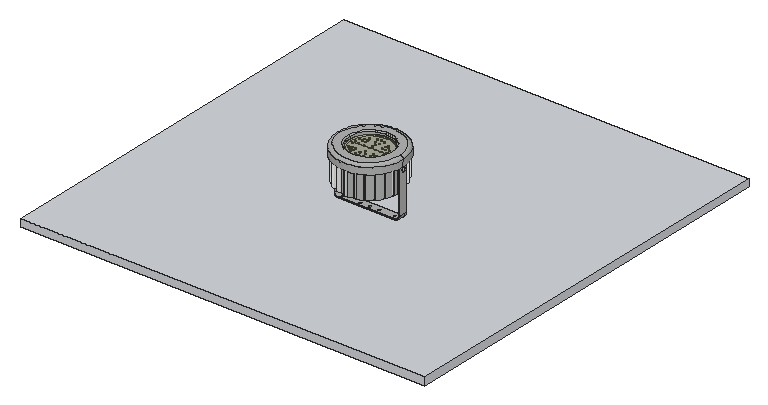
Revit family "SOLD", category Lighting Fixtures, host Face, Revit 2014
Parameters (values of type "SOLD")
  Wings = Paint - Hubbell - Light Silver
  Width = 280.00 mm
  Watts = 75 W
  Wattage Comments = "75W"
  Wattage = 75 W
  Warranty = "5 years Warranty"  # constant formula
  built-in parameter 1150110 = 1 (stored number, unit not read)
  Voltage = 120 V
  URL = "https://www.hubbell.com/chalmit/en"
  built-in parameter 1114217 = 1 (stored number, unit not read)
  Tilt Angle = 90.00°  # constant formula
  built-in parameter 1150109 = 1 (stored number, unit not read)
  built-in parameter 1150134 = 3
  built-in parameter 1150113 = 1 (stored number, unit not read)
  Reflector Finish = Hubbell - White Glass
  Product Link = "https://www.hubbell.com/chalmit/en/Products/Lighting-Controls/Harsh-Hazardous-Lighting/Flood-Lighting/Solas/p/866131"
  Product Documentation Link = "https://hubbellcdn.com/specsheet/Solas_Zone1_Datasheet_V4.pdf"
  Power Factor = 1
  Photometric Web File = "CHL_SOLD_034_LE_EM.ies"
  Pendent Height [instance] = 97.00 mm
  built-in parameter 1150142 = "﻿IESNA:LM-63-2002\r\n[TEST]WO-9701\r\n[TESTLAB]LUX-TSI\r\n[ISSUEDATE]27/03/2017\r\n[TESTDATE] 27/03/2017\r\n[MANUFAC]Chalmit Lighting\r\n[LUMCAT]SOLD/034/LE/EM\r\n[LUMINAIRE]Solas Emergency LED Wide Beam Floodlight\r\n[LAMPCAT]Solas - CREE XPG2 \r\n[LAMP]LED\r\n[MORE]LED ARRAY WITH NO PROFILE LENSES\r\n[BALLAST]LED driver / control unit\r\n[_LUMTYPE]Floodlight\r\n[_LAMPTYPE]LED\r\n[_LAMPMORE]Light Emitting Diodes, White\r\n[_HAZRATING]Zone 1, Zone 21\r\n[_HAZPRO]Ex e, Ex d, ATEX, GOST, IEC\r\n[_ENVIRORATING]IP66, IP67\r\n[_AMBIENT]-20°C to +40°C (T5)\r\n[_MOUNT]Surface, Stirrup, Wall, Ceiling\r\n[_EMMODE]90min Duration\r\n[_KEYWORDS]Pole, Column, Wire Guard, Remote Switch, Exit\r\n[_DRAWFILE]SOLAS.dwg\r\n\r\nTILT=NONE\r\n1 -1 1.000 73 25 1 2 -0.270 -0.270 0.000\r\n1.000 1 73\r\n0.00 2.50 5.00 7.50 10.00 12.50 15.00 17.50 20.00 22.50 25.00 27.50 30.00 32.50 35.00 37.50 40.00 42.50 45.00 47.50 50.00 52.50 55.00 57.50 60.00 62.50 65.00 67.50 70.00 72.50 75.00 77.50 80.00 82.50 85.00 87.50 90.00 92.50 95.00 97.50 100.00 102.50 105.00 107.50 110.00 112.50 115.00 117.50 120.00 122.50 125.00 127.50 130.00 132.50 135.00 137.50 140.00 142.50 145.00 147.50 150.00 152.50 155.00 157.50 160.00 162.50 165.00 167.50 170.00 172.50 175.00 177.50 180.00 \r\n0.00 15.00 30.00 45.00 60.00 75.00 90.00 105.00 120.00 135.00 150.00 165.00 180.00 195.00 210.00 225.00 240.00 255.00 270.00 285.00 300.00 315.00 330.00 345.00 360.00 \r\n2263.4 2260.7 2268.7 2264.2 2252.4 2241.9 2219.5 2199.2 2172.1 2141.9 2101.8 2070.3 2029.2 1981.2 1931.7 1875.6 1800.2 1698.9 1528.5 1431.5 1316.9 1201.5 1108.4 989.6 842.9 715.0 613.7 469.8 397.9 272.7 180.3 102.2 53.2 33.5 22.0 10.7 0.4 0.3 0.4 0.5 0.6 0.9 1.2 1.8 2.3 3.0 3.6 3.8 4.0 4.0 4.0 4.0 4.4 4.7 4.8 4.7 4.5 3.9 3.8 3.9 4.0 4.4 5.2 6.3 8.0 10.9 16.4 24.6 31.1 34.6 35.3 33.8 32.7\r\n2263.4 2265.2 2261.6 2251.4 2244.9 2240.8 2224.8 2207.4 2188.6 2158.7 2113.5 2078.4 2042.8 1991.0 1928.3 1862.2 1804.5 1683.2 1555.9 1395.2 1321.6 1228.8 1088.6 989.6 836.8 738.2 590.1 466.5 374.4 267.4 176.5 105.5 50.5 31.6 20.6 10.2 0.3 0.4 0.4 0.4 0.6 0.8 1.3 1.8 2.3 3.1 3.6 3.8 4.0 4.0 4.1 4.0 4.4 4.7 4.9 4.6 4.5 3.8 3.8 3.9 4.0 4.5 5.1 6.3 8.0 11.0 16.4 24.5 31.1 34.7 35.3 33.8 32.7\r\n2263.4 2270.8 2263.6 2258.0 2253.4 2237.9 2229.5 2213.1 2173.8 2141.7 2113.0 2078.9 2034.5 1987.9 1939.4 1875.8 1807.0 1691.9 1527.2 1448.6 1304.1 1206.0 1118.5 1025.1 845.5 695.4 612.8 522.7 352.7 279.6 181.3 105.2 53.8 31.7 20.6 10.2 0.3 0.3 0.4 0.5 0.5 0.8 1.2 1.8 2.3 3.0 3.5 3.8 3.9 4.0 4.0 4.0 4.3 4.7 4.9 4.7 4.5 3.8 3.8 3.9 4.0 4.4 5.2 6.2 8.0 10.9 16.5 24.6 31.1 34.7 35.3 33.8 32.7\r\n2263.4 2263.4 2260.7 2257.3 2254.2 2245.5 2222.8 2197.5 2166.7 2142.4 2108.3 2076.0 2034.2 1982.9 1936.1 1877.6 1811.3 1684.8 1536.0 1420.4 1327.5 1206.6 1114.5 993.1 838.5 718.6 594.0 473.2 378.1 270.3 175.4 108.3 51.4 29.6 19.5 9.3 0.3 0.3 0.4 0.5 0.5 0.8 1.2 1.7 2.3 3.0 3.6 3.8 4.0 4.0 4.0 4.0 4.3 4.6 4.8 4.6 4.5 3.8 3.8 3.9 4.1 4.4 5.1 6.3 8.0 11.0 16.4 24.6 31.1 34.7 35.3 33.7 32.7\r\n2263.4 2266.0 2266.9 2257.3 2243.9 2234.2 2217.4 2204.0 2185.9 2159.3 2122.9 2066.1 2031.4 1989.0 1928.1 1868.2 1809.0 1685.8 1549.6 1402.5 1320.4 1220.1 1092.3 993.4 869.5 705.6 603.4 486.9 380.0 270.8 183.6 102.6 51.7 31.0 20.3 9.8 0.4 0.4 0.4 0.5 0.6 0.9 1.2 1.7 2.2 3.0 3.6 3.8 3.9 3.9 4.0 4.0 4.3 4.6 4.8 4.7 4.5 3.8 3.8 3.9 4.0 4.4 5.2 6.3 8.0 11.0 16.5 24.7 31.2 34.7 35.4 33.8 32.7\r\n2263.4 2266.9 2267.2 2255.0 2248.0 2232.9 2220.9 2207.4 2179.1 2140.3 2107.8 2079.1 2037.5 1980.6 1933.1 1875.4 1804.4 1694.4 1520.2 1446.3 1296.2 1201.6 1121.5 1027.1 810.0 720.6 612.2 489.0 362.8 269.8 183.7 104.8 49.3 29.6 19.7 9.6 0.4 0.4 0.4 0.5 0.5 0.8 1.2 1.8 2.3 3.0 3.5 3.8 4.0 3.9 3.9 3.9 4.2 4.6 4.8 4.7 4.5 3.8 3.8 3.9 4.0 4.4 5.2 6.3 8.0 10.9 16.5 24.7 31.2 34.7 35.5 33.9 32.7\r\n2263.4 2259.1 2261.1 2255.9 2265.5 2212.2 2222.3 2210.9 2169.1 2148.7 2111.1 2075.8 2035.3 1986.8 1934.6 1875.5 1813.7 1696.1 1542.9 1412.7 1329.4 1212.8 1117.4 993.6 854.9 721.8 618.7 488.7 384.0 282.7 175.8 106.3 49.9 30.4 20.5 10.2 0.4 0.3 0.4 0.5 0.5 0.8 1.3 1.8 2.3 3.0 3.5 3.8 3.9 3.9 4.0 3.9 4.1 4.7 4.9 4.7 4.5 3.8 3.8 3.9 4.0 4.4 5.2 6.3 8.0 10.9 16.5 24.7 31.2 34.7 35.5 33.8 32.7\r\n2263.4 2261.2 2263.6 2252.9 2246.8 2229.9 2228.3 2212.6 2180.0 2149.4 2117.2 2079.8 2041.2 1991.9 1931.5 1877.4 1814.0 1699.4 1561.2 1413.9 1326.8 1225.6 1105.1 996.0 866.3 721.8 613.5 483.6 382.5 282.6 185.8 108.5 56.3 31.7 22.0 11.2 0.4 0.4 0.4 0.5 0.5 0.9 1.3 1.8 2.3 3.0 3.6 3.8 3.9 3.9 4.0 3.9 4.3 4.7 4.9 4.6 4.5 3.9 3.8 4.0 4.0 4.4 5.2 6.3 8.0 10.9 16.5 24.7 31.2 34.7 35.5 33.7 32.7\r\n2263.4 2265.3 2248.7 2250.1 2243.4 2233.6 2220.0 2198.3 2173.8 2145.7 2118.2 2083.1 2045.7 1990.9 1936.1 1887.0 1817.4 1712.3 1527.5 1457.7 1310.4 1209.2 1124.5 1028.3 814.6 727.8 618.2 498.6 386.1 276.0 193.8 104.2 53.1 32.0 22.5 11.9 0.3 0.3 0.4 0.5 0.5 0.8 1.3 1.7 2.3 3.1 3.6 3.9 3.9 4.0 4.0 4.0 4.3 4.7 4.8 4.7 4.5 3.8 3.8 3.9 4.1 4.4 5.1 6.2 7.9 10.9 16.5 24.8 31.1 34.6 35.3 33.6 32.7\r\n2263.4 2258.4 2262.4 2272.0 2238.3 2242.7 2220.8 2199.6 2174.7 2146.9 2116.9 2077.7 2030.8 1983.0 1931.0 1880.8 1812.9 1699.2 1552.9 1431.2 1331.5 1213.4 1122.4 999.5 880.5 704.6 618.4 496.2 374.1 283.5 198.3 113.0 56.0 34.1 24.1 12.7 0.4 0.4 0.4 0.5 0.6 0.9 1.2 1.7 2.3 3.0 3.6 3.8 3.9 4.0 4.0 4.0 4.3 4.7 4.8 4.6 4.5 3.8 3.8 3.9 4.0 4.4 5.1 6.2 7.9 10.9 16.5 24.7 31.1 34.5 35.2 33.5 32.7\r\n2263.4 2260.8 2254.9 2252.7 2242.6 2231.2 2214.8 2201.4 2188.7 2160.1 2118.7 2081.3 2037.8 1987.0 1934.4 1882.0 1809.1 1697.2 1557.4 1398.1 1326.1 1228.2 1094.4 1001.9 839.8 741.6 597.1 495.7 389.2 290.2 178.4 116.2 57.1 32.4 23.3 12.5 0.4 0.4 0.4 0.5 0.5 0.7 1.2 1.7 2.3 3.0 3.5 3.8 4.0 4.0 4.0 4.0 4.4 4.7 4.8 4.7 4.5 3.8 3.8 4.0 4.0 4.5 5.1 6.2 7.9 10.9 16.5 24.6 31.0 34.5 35.2 33.5 32.7\r\n2263.4 2252.5 2258.7 2250.1 2250.0 2239.3 2221.4 2203.7 2179.4 2153.6 2114.6 2078.7 2038.4 1988.2 1936.8 1877.8 1813.8 1702.2 1530.0 1452.5 1308.7 1212.5 1124.5 1023.7 845.6 711.4 626.2 510.1 361.0 285.2 192.9 111.3 54.6 32.5 23.5 12.7 0.4 0.3 0.4 0.5 0.5 0.7 1.2 1.7 2.3 3.1 3.5 3.8 3.9 4.0 4.1 4.0 4.4 4.7 4.9 4.7 4.5 3.8 3.8 3.9 4.1 4.4 5.1 6.2 7.9 10.8 16.5 24.6 31.0 34.5 35.2 33.5 32.7\r\n2263.4 2263.8 2274.4 2246.1 2251.3 2233.9 2220.0 2199.4 2179.3 2143.0 2112.6 2076.5 2034.6 1988.0 1936.2 1876.6 1808.9 1690.7 1538.7 1434.1 1329.9 1211.0 1121.5 1001.8 858.7 734.0 622.6 481.0 404.3 279.2 186.1 107.6 56.6 33.1 23.7 12.9 0.4 0.4 0.4 0.5 0.5 0.9 1.1 1.8 2.2 3.0 3.6 3.8 3.9 4.0 4.1 4.0 4.4 4.7 4.8 4.7 4.5 3.8 3.8 3.9 4.0 4.4 5.1 6.2 7.9 10.8 16.5 24.6 30.9 34.4 35.2 33.5 32.7\r\n2263.4 2253.6 2257.4 2261.0 2249.2 2238.1 2221.3 2205.1 2175.2 2149.6 2106.6 2075.0 2032.6 1983.0 1935.8 1874.5 1809.0 1669.2 1552.2 1400.5 1325.6 1227.0 1086.5 997.0 847.1 738.4 598.8 475.8 385.2 278.8 184.6 112.1 57.3 32.6 23.0 12.3 0.4 0.4 0.4 0.5 0.6 0.9 1.2 1.7 2.3 3.0 3.5 3.8 4.0 4.0 4.0 4.0 4.4 4.7 4.9 4.7 4.5 3.8 3.8 3.9 4.0 4.4 5.1 6.2 7.8 10.8 16.4 24.6 30.9 34.5 35.1 33.4 32.7\r\n2263.4 2257.0 2258.1 2261.0 2248.8 2239.8 2218.6 2200.0 2184.4 2149.7 2115.7 2075.1 2038.6 1985.1 1933.7 1879.8 1810.2 1677.5 1527.0 1444.0 1298.8 1208.0 1120.5 997.7 834.0 704.1 620.2 518.3 358.8 290.3 190.2 110.8 55.5 33.1 23.2 12.3 0.4 0.4 0.4 0.4 0.5 0.7 1.2 1.7 2.2 3.0 3.6 3.8 3.9 4.0 4.0 4.0 4.3 4.7 4.9 4.7 4.5 3.8 3.8 3.9 4.1 4.4 5.1 6.1 7.8 10.8 16.4 24.5 30.9 34.4 35.1 33.3 32.7\r\n2263.4 2266.3 2253.8 2248.0 2236.7 2226.4 2214.4 2211.2 2182.1 2151.6 2113.7 2072.9 2041.9 1989.0 1936.5 1874.8 1801.4 1660.8 1523.5 1411.0 1323.8 1201.9 1115.4 988.7 836.9 724.4 596.9 475.3 384.6 269.6 180.4 110.3 55.1 32.0 22.2 11.5 0.4 0.4 0.4 0.5 0.5 0.9 1.2 1.8 2.3 3.0 3.6 3.8 3.9 4.0 4.0 3.9 4.4 4.6 4.8 4.6 4.5 3.8 3.8 3.9 4.0 4.4 5.1 6.2 7.8 10.8 16.4 24.6 30.8 34.4 35.0 33.4 32.7\r\n2263.4 2255.6 2255.5 2245.0 2242.4 2245.8 2235.7 2215.0 2182.3 2145.4 2107.8 2072.2 2023.2 1986.3 1935.0 1876.2 1804.7 1630.1 1522.0 1398.6 1324.0 1213.2 1091.7 985.1 864.7 710.4 599.8 490.8 378.1 271.2 181.6 103.8 54.5 34.3 23.8 12.1 0.4 0.4 0.4 0.5 0.5 0.8 1.2 1.7 2.3 3.0 3.5 3.8 3.9 3.9 3.9 4.0 4.3 4.6 4.8 4.6 4.5 3.8 3.8 3.9 4.0 4.4 5.1 6.2 7.9 10.8 16.4 24.5 30.8 34.4 35.2 33.5 32.7\r\n2263.4 2266.1 2255.9 2256.2 2252.3 2236.2 2220.5 2198.0 2181.1 2146.7 2109.3 2073.8 2034.9 1994.5 1945.9 1880.4 1806.2 1651.7 1523.3 1443.0 1282.2 1204.7 1116.1 1009.8 804.6 717.4 610.8 489.3 360.9 266.0 181.3 103.7 53.8 32.8 22.8 11.6 0.4 0.4 0.4 0.5 0.5 0.9 1.2 1.8 2.2 3.1 3.5 3.8 4.0 4.0 3.9 3.9 4.3 4.6 4.8 4.6 4.5 3.8 3.8 3.9 4.0 4.4 5.1 6.1 7.8 10.8 16.5 24.5 30.9 34.4 35.2 33.5 32.7\r\n2263.4 2275.3 2267.3 2253.2 2241.1 2218.8 2210.0 2206.2 2180.3 2156.5 2122.1 2076.2 2041.2 1990.2 1936.9 1876.0 1807.0 1645.1 1533.5 1408.1 1321.7 1203.2 1091.2 984.5 838.6 711.2 607.2 469.0 379.1 280.7 168.9 108.0 52.9 34.5 24.5 12.2 0.4 0.4 0.4 0.5 0.6 0.9 1.2 1.8 2.3 3.1 3.6 3.8 3.9 4.0 4.0 3.9 4.1 4.7 4.8 4.7 4.5 3.8 3.8 3.9 4.0 4.4 5.1 6.2 7.8 10.8 16.5 24.6 30.9 34.4 35.3 33.6 32.7\r\n2263.4 2258.5 2264.9 2257.5 2245.9 2233.2 2224.2 2204.2 2180.6 2150.5 2114.6 2076.2 2034.8 1990.8 1935.4 1866.5 1795.1 1664.2 1518.1 1397.6 1312.0 1196.0 1085.6 974.9 849.3 697.7 598.9 465.9 358.4 273.2 174.6 105.5 55.5 35.8 25.0 12.0 0.3 0.4 0.4 0.5 0.5 0.8 1.2 1.8 2.3 3.1 3.6 3.9 4.0 4.0 4.0 4.0 4.3 4.7 4.8 4.7 4.5 3.8 3.8 4.0 4.1 4.4 5.1 6.2 7.8 10.8 16.5 24.6 30.9 34.4 35.2 33.5 32.7\r\n2263.4 2257.8 2258.1 2255.4 2236.9 2230.3 2225.2 2205.1 2182.1 2156.5 2119.5 2081.9 2034.1 1983.4 1935.5 1876.3 1809.5 1692.8 1519.9 1445.0 1281.7 1195.8 1110.4 1011.3 801.5 715.2 597.3 487.6 370.9 264.7 186.5 99.6 54.2 35.5 24.6 11.8 0.3 0.4 0.4 0.5 0.5 0.8 1.3 1.8 2.3 3.0 3.6 3.9 4.0 4.0 4.0 4.0 4.4 4.7 4.8 4.6 4.5 3.9 3.8 3.9 4.1 4.4 5.1 6.1 7.8 10.8 16.5 24.6 30.8 34.4 35.1 33.4 32.7\r\n2263.4 2261.5 2274.6 2266.2 2245.2 2230.8 2215.3 2199.0 2173.9 2137.6 2106.8 2059.1 2020.8 1985.6 1917.4 1872.9 1803.6 1697.0 1546.9 1403.7 1319.2 1208.7 1091.0 978.9 859.7 694.3 605.7 486.0 362.0 268.6 192.4 106.2 56.5 37.8 26.1 12.6 0.4 0.3 0.4 0.5 0.6 0.9 1.2 1.8 2.3 3.0 3.6 3.9 4.0 4.0 4.1 4.0 4.4 4.7 4.9 4.7 4.5 3.9 3.8 4.0 4.1 4.4 5.1 6.2 7.9 10.8 16.5 24.6 30.9 34.4 35.0 33.4 32.7\r\n2263.4 2258.9 2257.4 2251.2 2242.7 2231.2 2212.0 2197.8 2177.2 2152.3 2113.1 2071.5 2038.0 1981.9 1921.4 1868.3 1797.0 1708.2 1552.1 1412.0 1318.8 1206.7 1085.1 986.0 828.7 719.4 593.5 479.8 377.8 279.2 168.1 107.9 52.8 33.9 22.8 11.2 0.4 0.4 0.4 0.5 0.5 0.8 1.2 1.8 2.3 3.1 3.6 3.9 3.9 4.0 4.1 4.0 4.4 4.7 4.9 4.7 4.5 3.9 3.8 3.9 4.0 4.4 5.1 6.2 7.8 10.9 16.6 24.6 30.9 34.4 35.0 33.5 32.7\r\n2263.4 2261.9 2253.8 2249.8 2243.1 2238.5 2218.8 2196.2 2174.4 2146.7 2119.7 2078.7 2035.2 1977.2 1932.8 1880.2 1809.9 1715.6 1531.5 1449.6 1305.3 1201.9 1108.7 1014.4 833.7 704.0 614.9 498.3 354.4 276.6 185.7 106.0 52.9 33.9 22.5 11.2 0.4 0.4 0.5 0.5 0.5 0.9 1.2 1.8 2.3 3.1 3.6 3.8 4.0 4.0 4.1 4.0 4.4 4.8 4.9 4.7 4.5 3.9 3.8 4.0 4.1 4.5 5.1 6.2 7.9 10.9 16.6 24.7 30.9 34.4 35.2 33.5 32.7\r\n2263.4 2261.2 2266.1 2259.0 2247.6 2238.4 2217.4 2198.6 2170.9 2140.1 2095.6 2067.7 2026.0 1980.4 1928.4 1872.8 1798.7 1697.9 1529.4 1431.5 1315.0 1201.7 1107.0 987.4 842.3 715.3 614.9 470.0 397.1 272.4 179.5 101.9 52.9 33.5 22.4 11.0 0.4 0.4 0.4 0.5 0.6 0.9 1.2 1.8 2.3 3.1 3.6 3.9 4.0 4.0 4.0 4.0 4.4 4.7 4.9 4.7 4.5 3.8 3.8 3.9 4.0 4.4 5.1 6.2 7.9 10.9 16.6 24.7 31.0 34.4 35.3 33.7 32.7\r\n\r\n"
  Mounting = Paint - Hubbell - Light Silver
  Model = "SOLD"
  Manufacturer = "Chalmit"  # constant formula
  built-in parameter 1150105 = 596.83 (stored number, unit not read)
  Lumens = 7500 lm
  built-in parameter 1150115 = 1 (stored number, unit not read)
  Load Classification = Lighting
  built-in parameter 1150137 = (empty or 0)
  built-in parameter 1150139 = (empty or 0)
  Length = 445.00 mm
  built-in parameter 1150112 = 1 (stored number, unit not read)
  built-in parameter 1150114 = 1 (stored number, unit not read)
  Lamp = "LED"  # constant formula
  Inner Length = 420.00 mm
  built-in parameter 1150132 = (empty or 0)
  built-in parameter 1150102 = (empty or 0)
  built-in parameter 1150107 = 3200 (stored number, unit not read)
  built-in parameter 1150138 = (empty or 0)
  built-in parameter 1150106 = 5.9683 (stored number, unit not read)
  IP Rating = "IP66/67"  # constant formula
  Housing Material = Paint - Hubbell - White Texture
  Glass = Hubbell - Glass
  Fixture distribution = "Direct"  # constant formula
  Features = "Highly Energy Efficient Comparable with 100W HPS floodlight\r\nEmergency inhibition Non-Maintained or Maintained modes\r\nEx e terminal chamber No re-lamping required - over 80,000 hours continuous operation\r\nLow ambient temperatures"  # constant formula
  Emit from Circle Diameter = 250.00 mm
  Emit Shape Visible in Rendering = no
  built-in parameter 1150104 = 9.2903 (stored number, unit not read)
  Height = 535.00 mm
  Dimming Lamp Color Temperature Shift = <None>
  Description = "The unique characteristics of the Solas offers a versatile luminaire\r\nwith 100% output in emergency mode. Built in marine grade\r\naluminium this robust luminaire is suitable for the harshest of\r\nglobal environments.\r\nUtilising ultra bright LED’s the Solas produces a more focused light\r\nwell suited to illuminating safety critical areas in an emergency\r\nsituation. A manually operated remote inhibition facility is available\r\non all emergency versions. With a self contained battery, it can\r\nbe used for backup emergency lighting in maintained or nonmaintained modes."  # constant formula
  Default Elevation = 1219.20 mm
  Copyright = " ©2020 Chalmit, a division of Hubbell Lighting, Inc"  # constant formula
  Contact = "https://www.hubbell.com/chalmit/en/contactUs"
  Connector Description = "Lighting Connector"  # constant formula
  Color Filter = 16777215
  built-in parameter 1114218 = 1 (stored number, unit not read)
  built-in parameter 1150133 = 10 (stored number, unit not read)
  Assembly Code = "D5020200"
  Apparent Load = Watts / Power Factor  # 75 VA
Reference planes
  plane 1 "Center (Front/Back)": y = 0
  plane 2: z = 14.125
  plane 3 "Center (Left/Right)": x = 0
  plane 4: z = -150.375
  plane 5: x = 222.5
  plane 6: x = -222.5
  plane 7: z = 189.125
  plane 8: z = 357.125
  plane 9: z = 105.125
  plane 10: z = 189.125
  plane 11: x = -210
  plane 12: x = 210
Forms (mm)
  Extrusion 1, solid
    sketch origin (0, 0, 0) x (1, 0, 0) y (0, 1, 0)
      loop
        line (-1219.2, 1219.2) -> (-1219.2, -1219.2) -> (1219.2, -1219.2) -> (1219.2, 1219.2) -> (-1219.2, 1219.2)
    from 14.125 to -31.75
  Sweep 2, solid, material "Paint - Hubbell - White Texture" <- "Housing Material"
    path origin (0, 0, 0) x (1, 0, 0) y (0, 0, 1)
      loop
        line (-196.897, 299.784) -> (-196.897, 39.784)
        arc (-196.897, 39.784) -> (-189.381, 21.64) -> (-171.238, 14.125) r 25.659
        line (-171.238, 14.125) -> (0, 14.125) -> (168.738, 14.125)
        arc (168.738, 14.125) -> (186.881, 21.64) -> (194.397, 39.784) r 25.659
        line (194.397, 39.784) -> (194.397, 299.784)
    profile origin (-196.897, 0, 169.784) x (0, -1, 0) y (1, 0, 0)
      loop
        line (95, 0) -> (128.75, 0) -> (128.75, 3.75) -> (78.75, 3.75) -> (78.75, 0) -> (95, 0)
  Extrusion 3, void
    sketch origin (0, -96.25, 0) x (1, 0, 0) y (0, 1, 0)
      loop
        circle (0, -12.5) r 6.5
      loop
        circle (-56, -12.5) r 6.5
      loop
        circle (56, -12.5) r 6.5
      loop
        circle (150, -12.5) r 6.5
      loop
        circle (-161.5, -12.5) r 6.5
    from 14.125 to 17.875
  Revolve 4, solid, material "Paint - Hubbell - White Texture" <- "Housing Material"
    sketch origin (25.729, -8.75, 287.466) x (1, 0, 0) y (0, 1, 0)
      loop
        line (-211.226, -95) -> (-211.226, -85) -> (-229.546, -85)
        arc (-229.546, -85) -> (-232.265, -86.126) -> (-233.391, -88.845) r 3.845
        line (-233.391, -88.845) -> (-233.391, -95) -> (-211.226, -95)
      axis (-211.226, -95) -> (-233.391, -95)
    angle from 0 to 360
  Extrusion 5, solid, material "Paint - Hubbell - White Texture" <- "Housing Material"
    sketch origin (0, 0, 0) x (1, 0, 0) y (0, 1, 0)
      loop
        circle (0, -107.5) r 200
    from 301.784 to 357.125
  Sweep 6, void
    path in 3D
      loop
        arc (200, -107.5, 357.125) -> (0, -307.5, 357.125) -> (-200, -107.5, 357.125) r 200
        arc (-200, -107.5, 357.125) -> (0, 92.5, 357.125) -> (200, -107.5, 357.125) r 200
    profile origin (0, 92.5, 357.125) x (0, 1, 0) y (0, 0, 1)
      loop
        line (0, 0) -> (-20, 0)
        arc (-20, 0) -> (-7.5, -4.167) -> (0, -15) r 20.833
        line (0, -15) -> (0, 0)
  Revolve 7, void
    sketch origin (0, -105, 0) x (1, 0, 0) y (0, 0, 1)
      loop
        line (0, 368.375) -> (0, 332.125) -> (121.5, 332.125)
        arc (121.5, 332.125) -> (125.036, 333.589) -> (126.5, 337.125) r 5
        line (126.5, 337.125) -> (126.5, 350.875) -> (144, 368.375) -> (0, 368.375)
      axis (0, 368.375) -> (0, 332.125)
    angle from 0 to 360
  Revolve 8, solid, material "Paint - Hubbell - White Texture" <- "Housing Material"
    sketch origin (0, -106.213, 0) x (1, 0, 0) y (0, 0, 1)
      loop
        line (0, 301.784) -> (0, 146.784) -> (169, 146.784) -> (169, 301.784) -> (0, 301.784)
      axis (0, 301.784) -> (0, 146.784)
    angle from 0 to 360
  Extrusion 9, solid, material "Hubbell - White Glass"
    sketch origin (0, -266.25, 0) x (0, -1, 0) y (0, 0, 1)
      loop
        line (8.787, 301.784) -> (8.787, 146.784)
        arc (8.787, 146.784) -> (23.423, 152.485) -> (33.787, 164.289) r 33.121
        line (33.787, 164.289) -> (33.787, 301.784) -> (8.787, 301.784)
    from 0 to 5
  Extrusion 10, solid, material "Hubbell - White Glass"
    sketch origin (0, 0, 0) x (1, 0, 0) y (0, 1, 0)
      loop
        circle (72.302, -54.948) r 5
      loop
        circle (88.439, -71.086) r 5
      loop
        circle (51.26, -77.198) r 5
      loop
        circle (71.183, -75.455) r 5
      loop
        circle (56.164, -38.811) r 5
      loop
        circle (51.795, -56.067) r 5
      loop
        circle (-72.302, -54.948) r 5
      loop
        circle (-88.439, -71.086) r 5
      loop
        circle (-51.26, -77.198) r 5
      loop
        circle (-71.183, -75.455) r 5
      loop
        circle (-56.164, -38.811) r 5
      loop
        circle (-51.795, -56.067) r 5
      loop
        circle (0.854, -89.362) r 5
      loop
        circle (0.854, -110.612) r 5
      loop
        circle (-35.399, -106.266) r 5
      loop
        circle (-67.007, -106.266) r 5
      loop
        circle (-95.198, -96.006) r 5
      loop
        circle (-95.198, -121.006) r 5
      loop
        circle (35.399, -106.266) r 5
      loop
        circle (67.007, -106.266) r 5
      loop
        circle (95.198, -96.006) r 5
      loop
        circle (95.198, -121.006) r 5
      loop
        circle (5.642, -196.332) r 5
      loop
        circle (28.426, -190.022) r 5
      loop
        circle (4.736, -148.222) r 5
      loop
        circle (18.45, -165.279) r 5
      loop
        circle (-17.143, -192.643) r 5
      loop
        circle (-8.923, -169.354) r 5
      loop
        circle (75.53, -167.298) r 5
      loop
        circle (90.714, -150.26) r 5
      loop
        circle (53.245, -146.294) r 5
      loop
        circle (73.236, -146.89) r 5
      loop
        circle (60.346, -184.336) r 5
      loop
        circle (54.993, -167.359) r 5
      loop
        circle (-68.835, -175.602) r 5
      loop
        circle (-85.872, -160.417) r 5
      loop
        circle (-49.105, -152.181) r 5
      loop
        circle (-68.896, -155.065) r 5
      loop
        circle (-51.797, -190.786) r 5
      loop
        circle (-48.426, -173.308) r 5
      loop
        circle (0.642, -18.593) r 5
      loop
        circle (23.426, -24.904) r 5
      loop
        circle (-0.264, -66.703) r 5
      loop
        circle (13.45, -49.646) r 5
      loop
        circle (-22.143, -22.283) r 5
      loop
        circle (-13.923, -45.571) r 5
    from 332.143 to 335.016
  Extrusion 11, solid, material "Hubbell - Glass" <- "Glass"
    sketch origin (0, 0, 0) x (1, 0, 0) y (0, 1, 0)
      loop
        circle (0, -105) r 126.5
    from 335 to 340
  Extrusion 12, solid, material "Hubbell - White Glass"
    sketch origin (-41.631, -260.472, 0) x (-0.258819, -0.965926, 0) y (0, 0, 1)
      loop
        line (8.787, 301.784) -> (8.787, 146.784)
        arc (8.787, 146.784) -> (23.423, 152.485) -> (33.787, 164.289) r 33.121
        line (33.787, 164.289) -> (33.787, 301.784) -> (8.787, 301.784)
    from 0 to 5
  Extrusion 13, solid, material "Hubbell - White Glass"
    sketch origin (-77.895, -245.378, 0) x (-0.5, -0.866025, 0) y (0, 0, 1)
      loop
        line (8.787, 301.784) -> (8.787, 146.784)
        arc (8.787, 146.784) -> (23.423, 152.485) -> (33.787, 164.289) r 33.121
        line (33.787, 164.289) -> (33.787, 301.784) -> (8.787, 301.784)
    from 0 to 5
  Extrusion 14, solid, material "Hubbell - White Glass"
    sketch origin (-111.059, -219.559, 0) x (-0.707107, -0.707107, 0) y (0, 0, 1)
      loop
        line (8.787, 301.784) -> (8.787, 146.784)
        arc (8.787, 146.784) -> (23.423, 152.485) -> (33.787, 164.289) r 33.121
        line (33.787, 164.289) -> (33.787, 301.784) -> (8.787, 301.784)
    from 0 to 5
  Extrusion 15, solid, material "Hubbell - White Glass"
    sketch origin (-133.149, -181.871, 0) x (-0.866025, -0.5, 0) y (0, 0, 1)
      loop
        line (8.787, 301.784) -> (8.787, 146.784)
        arc (8.787, 146.784) -> (23.423, 152.485) -> (33.787, 164.289) r 33.121
        line (33.787, 164.289) -> (33.787, 301.784) -> (8.787, 301.784)
    from 0 to 5
  Extrusion 16, solid, material "Hubbell - White Glass"
    sketch origin (-148.961, -142.929, 0) x (-0.965926, -0.258819, 0) y (0, 0, 1)
      loop
        line (8.787, 301.784) -> (8.787, 146.784)
        arc (8.787, 146.784) -> (23.423, 152.485) -> (33.787, 164.289) r 33.121
        line (33.787, 164.289) -> (33.787, 301.784) -> (8.787, 301.784)
    from 0 to 5
  Extrusion 17, solid, material "Hubbell - White Glass"
    sketch origin (-154.021, -103.976, 0) x (-1, 0, 0) y (0, 0, 1)
      loop
        line (8.787, 301.784) -> (8.787, 146.784)
        arc (8.787, 146.784) -> (23.423, 152.485) -> (33.787, 164.289) r 33.121
        line (33.787, 164.289) -> (33.787, 301.784) -> (8.787, 301.784)
    from 0 to 5
  Extrusion 18, solid, material "Hubbell - White Glass"
    sketch origin (0, 58.053, 0) x (0, 1, 0) y (0, 0, -1)
      loop
        line (8.787, -301.784) -> (33.787, -301.784) -> (33.787, -164.289)
        arc (33.787, -164.289) -> (23.423, -152.485) -> (8.787, -146.784) r 33.121
        line (8.787, -146.784) -> (8.787, -301.784)
    from 0 to 5
  Extrusion 19, solid, material "Hubbell - White Glass"
    sketch origin (-41.631, 52.275, 0) x (-0.258819, 0.965926, 0) y (0, 0, -1)
      loop
        line (8.787, -301.784) -> (33.787, -301.784) -> (33.787, -164.289)
        arc (33.787, -164.289) -> (23.423, -152.485) -> (8.787, -146.784) r 33.121
        line (8.787, -146.784) -> (8.787, -301.784)
    from 0 to 5
  Extrusion 20, solid, material "Hubbell - White Glass"
    sketch origin (-77.895, 37.181, 0) x (-0.5, 0.866025, 0) y (0, 0, -1)
      loop
        line (8.787, -301.784) -> (33.787, -301.784) -> (33.787, -164.289)
        arc (33.787, -164.289) -> (23.423, -152.485) -> (8.787, -146.784) r 33.121
        line (8.787, -146.784) -> (8.787, -301.784)
    from 0 to 5
  Extrusion 21, solid, material "Hubbell - White Glass"
    sketch origin (-111.059, 11.362, 0) x (-0.707107, 0.707107, 0) y (0, 0, -1)
      loop
        line (8.787, -301.784) -> (33.787, -301.784) -> (33.787, -164.289)
        arc (33.787, -164.289) -> (23.423, -152.485) -> (8.787, -146.784) r 33.121
        line (8.787, -146.784) -> (8.787, -301.784)
    from 0 to 5
  Extrusion 22, solid, material "Hubbell - White Glass"
    sketch origin (-133.149, -26.326, 0) x (-0.866025, 0.5, 0) y (0, 0, -1)
      loop
        line (8.787, -301.784) -> (33.787, -301.784) -> (33.787, -164.289)
        arc (33.787, -164.289) -> (23.423, -152.485) -> (8.787, -146.784) r 33.121
        line (8.787, -146.784) -> (8.787, -301.784)
    from 0 to 5
  Extrusion 23, solid, material "Hubbell - White Glass"
    sketch origin (-148.961, -65.268, 0) x (-0.965926, 0.258819, 0) y (0, 0, -1)
      loop
        line (8.787, -301.784) -> (33.787, -301.784) -> (33.787, -164.289)
        arc (33.787, -164.289) -> (23.423, -152.485) -> (8.787, -146.784) r 33.121
        line (8.787, -146.784) -> (8.787, -301.784)
    from 0 to 5
  Revolve 24, solid, material "Paint - Hubbell - White Texture" <- "Housing Material"
    sketch origin (-33.229, -8.75, 287.466) x (-1, 0, 0) y (0, -1, 0)
      loop
        line (-215.533, 95) -> (-238.256, 95) -> (-238.256, 88.845)
        arc (-238.256, 88.845) -> (-237.129, 86.126) -> (-234.411, 85) r 3.845
        line (-234.411, 85) -> (-215.533, 85) -> (-215.533, 95)
      axis (-215.533, 95) -> (-238.256, 95)
    angle from 0 to 360
  Extrusion 25, solid, material "Hubbell - White Glass"
    sketch origin (41.631, -260.472, 0) x (0.258819, -0.965926, 0) y (0, 0, -1)
      loop
        line (8.787, -301.784) -> (33.787, -301.784) -> (33.787, -164.289)
        arc (33.787, -164.289) -> (23.423, -152.485) -> (8.787, -146.784) r 33.121
        line (8.787, -146.784) -> (8.787, -301.784)
    from 0 to 5
  Extrusion 26, solid, material "Hubbell - White Glass"
    sketch origin (77.895, -245.378, 0) x (0.5, -0.866025, 0) y (0, 0, -1)
      loop
        line (8.787, -301.784) -> (33.787, -301.784) -> (33.787, -164.289)
        arc (33.787, -164.289) -> (23.423, -152.485) -> (8.787, -146.784) r 33.121
        line (8.787, -146.784) -> (8.787, -301.784)
    from 0 to 5
  Extrusion 27, solid, material "Hubbell - White Glass"
    sketch origin (111.059, -219.559, 0) x (0.707107, -0.707107, 0) y (0, 0, -1)
      loop
        line (8.787, -301.784) -> (33.787, -301.784) -> (33.787, -164.289)
        arc (33.787, -164.289) -> (23.423, -152.485) -> (8.787, -146.784) r 33.121
        line (8.787, -146.784) -> (8.787, -301.784)
    from 0 to 5
  Extrusion 28, solid, material "Hubbell - White Glass"
    sketch origin (133.149, -181.871, 0) x (0.866025, -0.5, 0) y (0, 0, -1)
      loop
        line (8.787, -301.784) -> (33.787, -301.784) -> (33.787, -164.289)
        arc (33.787, -164.289) -> (23.423, -152.485) -> (8.787, -146.784) r 33.121
        line (8.787, -146.784) -> (8.787, -301.784)
    from 0 to 5
  Extrusion 29, solid, material "Hubbell - White Glass"
    sketch origin (148.961, -142.929, 0) x (0.965926, -0.258819, 0) y (0, 0, -1)
      loop
        line (8.787, -301.784) -> (33.787, -301.784) -> (33.787, -164.289)
        arc (33.787, -164.289) -> (23.423, -152.485) -> (8.787, -146.784) r 33.121
        line (8.787, -146.784) -> (8.787, -301.784)
    from 0 to 5
  Extrusion 30, solid, material "Hubbell - White Glass"
    sketch origin (154.021, -103.976, 0) x (1, 0, 0) y (0, 0, -1)
      loop
        line (8.787, -301.784) -> (33.787, -301.784) -> (33.787, -164.289)
        arc (33.787, -164.289) -> (23.423, -152.485) -> (8.787, -146.784) r 33.121
        line (8.787, -146.784) -> (8.787, -301.784)
    from 0 to 5
  Extrusion 31, solid, material "Hubbell - White Glass"
    sketch origin (41.631, 52.275, 0) x (0.258819, 0.965926, 0) y (0, 0, 1)
      loop
        line (8.787, 301.784) -> (8.787, 146.784)
        arc (8.787, 146.784) -> (23.423, 152.485) -> (33.787, 164.289) r 33.121
        line (33.787, 164.289) -> (33.787, 301.784) -> (8.787, 301.784)
    from 0 to 5
  Extrusion 32, solid, material "Hubbell - White Glass"
    sketch origin (77.895, 37.181, 0) x (0.5, 0.866025, 0) y (0, 0, 1)
      loop
        line (8.787, 301.784) -> (8.787, 146.784)
        arc (8.787, 146.784) -> (23.423, 152.485) -> (33.787, 164.289) r 33.121
        line (33.787, 164.289) -> (33.787, 301.784) -> (8.787, 301.784)
    from 0 to 5
  Extrusion 33, solid, material "Hubbell - White Glass"
    sketch origin (111.059, 11.362, 0) x (0.707107, 0.707107, 0) y (0, 0, 1)
      loop
        line (8.787, 301.784) -> (8.787, 146.784)
        arc (8.787, 146.784) -> (23.423, 152.485) -> (33.787, 164.289) r 33.121
        line (33.787, 164.289) -> (33.787, 301.784) -> (8.787, 301.784)
    from 0 to 5
  Extrusion 34, solid, material "Hubbell - White Glass"
    sketch origin (133.149, -26.326, 0) x (0.866025, 0.5, 0) y (0, 0, 1)
      loop
        line (8.787, 301.784) -> (8.787, 146.784)
        arc (8.787, 146.784) -> (23.423, 152.485) -> (33.787, 164.289) r 33.121
        line (33.787, 164.289) -> (33.787, 301.784) -> (8.787, 301.784)
    from 0 to 5
  Extrusion 35, solid, material "Hubbell - White Glass"
    sketch origin (148.961, -65.268, 0) x (0.965926, 0.258819, 0) y (0, 0, 1)
      loop
        line (8.787, 301.784) -> (8.787, 146.784)
        arc (8.787, 146.784) -> (23.423, 152.485) -> (33.787, 164.289) r 33.121
        line (33.787, 164.289) -> (33.787, 301.784) -> (8.787, 301.784)
    from 0 to 5
Cuts and joins
  Extrusion 3 cuts Sweep 2
  Sweep 6, Revolve 7 cuts Extrusion 5
Lines and regions (mm)
  sketch lines
    curve 1: arc (-200, -107.5, 357.125) -> (0, 92.5, 357.125) -> (200, -107.5, 357.125) r 200
    curve 2: arc (200, -107.5, 357.125) -> (0, -307.5, 357.125) -> (-200, -107.5, 357.125) r 200
Dimensions and locks
  plane 2 to plane 4 = 164.50 mm
  "Length": plane 5 to plane 6
  equal spacing: plane 5, plane 3 "Center (Left/Right)", plane 6
  plane 2 to plane 7 to plane 8 = 175.00 mm, 168.00 mm
  plane 2 to plane 8 = 343.00 mm
  plane 8 to plane 7 to Extrusion 1 = 168.00 mm, 175.00 mm
  plane 8 to Extrusion 1 = 343.00 mm
  plane 8 to plane 9 = 252.00 mm
  "Inner Length": plane 12 to plane 11
  equal spacing: plane 12, plane 3 "Center (Left/Right)", plane 11
  Extrusion 3 sketch curve to Extrusion 3 sketch curve = 56.00 mm  (x2)
  Extrusion 3 sketch curve to Extrusion 3 sketch curve = 150.00 mm
  aligned and locked: plane 2 to Extrusion 1
  aligned and locked: cut or joined group of Sweep 2, Extrusion 3 to Extrusion 3  (x2)
Automatic sketch dimensions
  Extrusion 1 sketch curve to Extrusion 1 sketch curve = 2438.40 mm  (x2)
  Sweep 2 sketch curve to plane 2 = 0.00 mm
  Sweep 2 sketch curve to plane 3 "Center (Left/Right)" = 0.00 mm
  plane 11 to Sweep 2 sketch curve = 38.762 mm
  plane 11 to Sweep 2 sketch curve = 13.103 mm
  Sweep 2 sketch curve to plane 12 = 41.262 mm
  Sweep 2 sketch curve to plane 12 = 15.603 mm
  plane 8 to Sweep 2 sketch curve = 57.341 mm  (x2)
  Sweep 2 sketch curve to profile plane = 0.00 mm
  plane 1 "Center (Front/Back)" to Sweep 2 sketch curve = 78.75 mm
  Sweep 2 sketch curve to Sweep 2 sketch curve = 16.25 mm
  Sweep 2 sketch curve to Sweep 2 sketch curve = 33.75 mm
  Sweep 2 sketch curve to profile plane = 3.75 mm
  Extrusion 3 sketch curve to plane 3 "Center (Left/Right)" = 0.00 mm
  plane 11 to Extrusion 3 sketch curve = 48.50 mm
  plane 3 "Center (Left/Right)" to Extrusion 3 sketch curve = 56.00 mm
  plane 1 "Center (Front/Back)" to Extrusion 3 sketch curve = 108.75 mm  (x2)
  Extrusion 3 sketch curve to Extrusion 3 sketch curve = 0.00 mm  (x3)
  plane 6 to Revolve 4 sketch curve = 14.838 mm
  Revolve 4 sketch curve to Revolve 4 sketch curve = 3.845 mm
  plane 11 to Revolve 4 sketch curve = 24.503 mm
  plane 1 "Center (Front/Back)" to Revolve 4 sketch curve = 103.75 mm
  Revolve 4 sketch curve to Revolve 4 sketch curve = 6.155 mm
  Revolve 4 sketch curve to plane 6 = 34.271 mm
  Revolve 4 sketch curve to Revolve 4 sketch curve = 22.274 mm
  Revolve 4 sketch curve to Revolve 4 sketch curve = 0.00 mm
  Extrusion 5 sketch curve to plane 3 "Center (Left/Right)" = 0.00 mm
  plane 1 "Center (Front/Back)" to Extrusion 5 sketch curve = 107.50 mm
  Sweep 6 sketch curve to profile plane = 0.00 mm  (x2)
  profile plane to Sweep 6 sketch curve = 20.00 mm
  Sweep 6 sketch curve to profile plane = 15.00 mm
  Revolve 7 sketch curve to plane 3 "Center (Left/Right)" = 0.00 mm  (x2)
  Revolve 7 sketch curve to plane 7 = 0.00 mm
  plane 8 to Revolve 7 sketch curve = 20.00 mm
  Revolve 7 sketch curve to plane 12 = 88.50 mm
  plane 8 to Revolve 7 sketch curve = 6.25 mm
  Revolve 7 sketch curve to Revolve 7 sketch curve = 5.00 mm
  Revolve 7 sketch curve to plane 8 = 11.25 mm
  Revolve 7 sketch curve to Revolve 7 sketch curve = 17.50 mm
  Revolve 7 sketch curve to Revolve 7 sketch curve = 128.75 mm
  Revolve 8 sketch curve to plane 3 "Center (Left/Right)" = 0.00 mm  (x2)
  Revolve 8 sketch curve to plane 9 = 0.00 mm
  Revolve 8 sketch curve to plane 12 = 41.00 mm
  Revolve 8 sketch curve to Revolve 8 sketch curve = 41.659 mm
  plane 8 to Revolve 8 sketch curve = 55.341 mm
  Revolve 8 sketch curve to Revolve 8 sketch curve = 50.00 mm
  plane 7 to Extrusion 9 sketch curve = 9.509 mm
  plane 1 "Center (Front/Back)" to Extrusion 9 sketch curve = 270.676 mm
  Extrusion 9 sketch curve to Extrusion 9 sketch curve = 4.361 mm
  Extrusion 9 sketch curve to Extrusion 9 sketch curve = 25.00 mm
  plane 7 to Extrusion 9 sketch curve = 24.836 mm
  plane 8 to Extrusion 9 sketch curve = 55.341 mm
  Extrusion 10 sketch curve to plane 3 "Center (Left/Right)" = 95.198 mm
  Extrusion 10 sketch curve to Extrusion 10 sketch curve = 0.00 mm  (x4)
  Extrusion 10 sketch curve to Extrusion 10 sketch curve = 6.758 mm
  Extrusion 10 sketch curve to Extrusion 10 sketch curve = 9.325 mm
  Extrusion 10 sketch curve to Extrusion 10 sketch curve = 16.138 mm  (x2)
  Extrusion 10 sketch curve to Extrusion 10 sketch curve = 17.256 mm  (x4)
  Extrusion 10 sketch curve to Extrusion 10 sketch curve = 16.976 mm  (x2)
  Extrusion 10 sketch curve to Extrusion 10 sketch curve = 0.061 mm  (x2)
  Extrusion 10 sketch curve to Extrusion 10 sketch curve = 28.191 mm
  Extrusion 10 sketch curve to Extrusion 10 sketch curve = 17.038 mm  (x2)
  Extrusion 10 sketch curve to Extrusion 10 sketch curve = 4.369 mm  (x4)
  Extrusion 10 sketch curve to Extrusion 10 sketch curve = 19.924 mm  (x2)
  Extrusion 10 sketch curve to Extrusion 10 sketch curve = 19.791 mm
  Extrusion 10 sketch curve to Extrusion 10 sketch curve = 3.371 mm  (x2)
  Extrusion 10 sketch curve to Extrusion 10 sketch curve = 31.608 mm  (x2)
  Extrusion 10 sketch curve to plane 3 "Center (Left/Right)" = 22.143 mm
  Extrusion 10 sketch curve to plane 3 "Center (Left/Right)" = 17.143 mm
  Extrusion 10 sketch curve to plane 3 "Center (Left/Right)" = 13.923 mm
  Extrusion 10 sketch curve to plane 3 "Center (Left/Right)" = 8.923 mm
  Extrusion 10 sketch curve to plane 3 "Center (Left/Right)" = 0.264 mm
  plane 3 "Center (Left/Right)" to Extrusion 10 sketch curve = 0.642 mm
  plane 3 "Center (Left/Right)" to Extrusion 10 sketch curve = 0.854 mm  (x2)
  plane 3 "Center (Left/Right)" to Extrusion 10 sketch curve = 4.736 mm
  plane 3 "Center (Left/Right)" to Extrusion 10 sketch curve = 5.642 mm
  plane 3 "Center (Left/Right)" to Extrusion 10 sketch curve = 13.45 mm
  plane 3 "Center (Left/Right)" to Extrusion 10 sketch curve = 18.45 mm
  plane 3 "Center (Left/Right)" to Extrusion 10 sketch curve = 23.426 mm
  Extrusion 10 sketch curve to Extrusion 10 sketch curve = 22.784 mm
  Extrusion 10 sketch curve to Extrusion 10 sketch curve = 34.545 mm
  Extrusion 10 sketch curve to Extrusion 10 sketch curve = 15.861 mm
  Extrusion 10 sketch curve to Extrusion 10 sketch curve = 0.536 mm
  Extrusion 10 sketch curve to Extrusion 10 sketch curve = 34.795 mm
  Extrusion 10 sketch curve to Extrusion 10 sketch curve = 1.748 mm
  Extrusion 10 sketch curve to Extrusion 10 sketch curve = 5.352 mm  (x2)
  Extrusion 10 sketch curve to Extrusion 10 sketch curve = 1.118 mm
  Extrusion 10 sketch curve to Extrusion 10 sketch curve = 19.991 mm
  Extrusion 10 sketch curve to Extrusion 10 sketch curve = 20.537 mm
  Extrusion 10 sketch curve to Extrusion 10 sketch curve = 17.478 mm  (x2)
  Extrusion 10 sketch curve to Extrusion 10 sketch curve = 4.483 mm
  plane 1 "Center (Front/Back)" to Extrusion 10 sketch curve = 196.332 mm
  Extrusion 10 sketch curve to Extrusion 10 sketch curve = 3.689 mm
  Extrusion 10 sketch curve to Extrusion 10 sketch curve = 1.857 mm
  Extrusion 10 sketch curve to Extrusion 10 sketch curve = 6.311 mm
  Extrusion 10 sketch curve to Extrusion 10 sketch curve = 5.686 mm
  Extrusion 10 sketch curve to Extrusion 10 sketch curve = 15.184 mm  (x2)
  Extrusion 10 sketch curve to Extrusion 10 sketch curve = 23.289 mm
  Extrusion 10 sketch curve to Extrusion 10 sketch curve = 24.742 mm
  Extrusion 10 sketch curve to Extrusion 10 sketch curve = 2.884 mm
  Extrusion 10 sketch curve to Extrusion 10 sketch curve = 17.057 mm  (x2)
  Extrusion 10 sketch curve to Extrusion 10 sketch curve = 0.596 mm
  Extrusion 10 sketch curve to Extrusion 10 sketch curve = 29.254 mm
  Extrusion 10 sketch curve to Extrusion 10 sketch curve = 39.411 mm
  Extrusion 10 sketch curve to Extrusion 10 sketch curve = 37.61 mm
  Extrusion 10 sketch curve to Extrusion 10 sketch curve = 14.739 mm  (x2)
  Extrusion 10 sketch curve to Extrusion 10 sketch curve = 25.00 mm  (x2)
  Extrusion 10 sketch curve to Extrusion 10 sketch curve = 21.25 mm
  Extrusion 10 sketch curve to Extrusion 10 sketch curve = 29.069 mm  (x2)
  Extrusion 10 sketch curve to Extrusion 10 sketch curve = 1.743 mm  (x2)
  Extrusion 10 sketch curve to Extrusion 10 sketch curve = 22.658 mm
  Extrusion 10 sketch curve to Extrusion 10 sketch curve = 21.131 mm  (x2)
  Extrusion 10 sketch curve to Extrusion 10 sketch curve = 20.506 mm  (x2)
  Extrusion 10 sketch curve to Extrusion 10 sketch curve = 21.132 mm
  plane 1 "Center (Front/Back)" to Extrusion 10 sketch curve = 24.904 mm
  plane 1 "Center (Front/Back)" to Extrusion 10 sketch curve = 22.283 mm
  plane 1 "Center (Front/Back)" to Extrusion 10 sketch curve = 18.593 mm
  Extrusion 11 sketch curve to Extrusion 11 sketch curve = 0.00 mm  (x2)
  Extrusion 11 sketch curve to plane 3 "Center (Left/Right)" = 0.00 mm
  plane 1 "Center (Front/Back)" to Extrusion 11 sketch curve = 105.00 mm
  plane 11 to Extrusion 11 sketch curve = 83.50 mm
  plane 7 to Extrusion 12 sketch curve = 9.509 mm
  Extrusion 12 sketch curve to Extrusion 12 sketch curve = 4.361 mm
  Extrusion 12 sketch curve to Extrusion 12 sketch curve = 25.00 mm
  plane 7 to Extrusion 12 sketch curve = 24.836 mm
  plane 8 to Extrusion 12 sketch curve = 55.341 mm
  plane 7 to Extrusion 13 sketch curve = 9.509 mm
  Extrusion 13 sketch curve to Extrusion 13 sketch curve = 4.361 mm
  Extrusion 13 sketch curve to Extrusion 13 sketch curve = 25.00 mm
  plane 7 to Extrusion 13 sketch curve = 24.836 mm
  plane 8 to Extrusion 13 sketch curve = 55.341 mm
  plane 7 to Extrusion 14 sketch curve = 9.509 mm
  Extrusion 14 sketch curve to Extrusion 14 sketch curve = 4.361 mm
  Extrusion 14 sketch curve to Extrusion 14 sketch curve = 25.00 mm
  plane 7 to Extrusion 14 sketch curve = 24.836 mm
  plane 8 to Extrusion 14 sketch curve = 55.341 mm
  plane 7 to Extrusion 15 sketch curve = 9.509 mm
